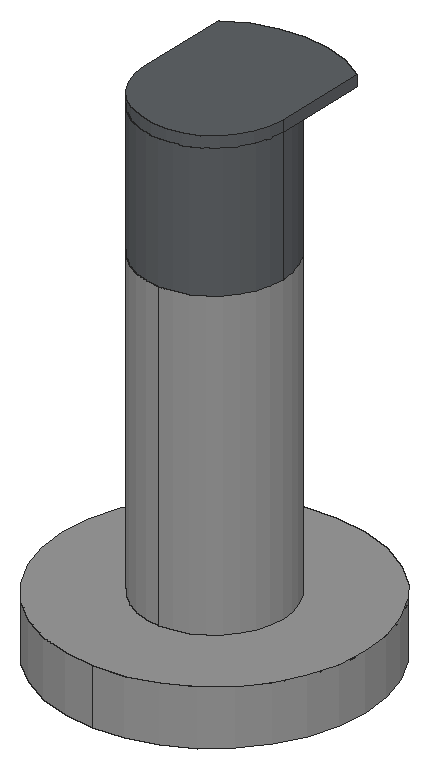
Revit family "KEUCO_14911010000", category Allgemeines Modell, Revit 2016
Family settings
  Teiletyp = Normal
  Kann Basisbauteil für Bewehrung sein = Nein
  Bemaßung runder Anschluss = Durchmesser verwenden
  Arbeitsebenenbasiert = Ja
  Immer vertikal = Nein
  Beim Laden mit Abzugskörper schneiden = Nein
  Gemeinsam genutzt = Nein
  Raumberechnungspunkt = Nein
Parameters (values of type "14911010000")
  Verwendung = "WP"  # constant formula
  URL = "https://www.keuco.com/de/produkte/sortiment/artikel/?pid=14911&oid=1&pgo=5&country=de&lang=de&vid=14911010000"
  Stange Breite = 89 mm
  Preisgruppe = ""
  Materialien bei Hersteller anfragen = "Anfrage zu:  objektmanagement@keuco.de"
  Kategorie = ""
  Gewicht = 0
  Description = ""  # constant formula
  Default Elevation = 1219.2 mm
  Serie = "Plan"  # constant formula
  Material = Aluminium silber-eloxiert (E6 EV1)
  Hersteller = "KEUCO"  # constant formula
  Material Haken = ABS Kunststoff - Schwarz
  Assembly Code = ""
  Ausschreibungstext = "KEUCO PLAN Handtuchhaken 14911010000 mit Türpuffer\r\nHochglanzverchromter Handtuchhaken in ästhetischem, funktionalem Design\r\nAbschlussstück aus schwarzem ABS Kunststoff als Türpuffer\r\nrunde Rosettenkappe, Durchmesser 55 mm\r\nleicht zu reinigen\r\nAusladung 91 mm\r\nDer Handtuchhaken wird verdeckt angebracht\r\nLieferung inkl. korrosionsfreiem Befestigungsmaterial"
  Artikelnummer = "14911010000"
Types (3, lengths in mm): name | URL | Materialien bei Hersteller anfragen | Material | Ausschreibungstext | Artikelnummer
  14911010000 | "https://www.keuco.com/de/produkte/sortiment/artikel/?pid=14911&oid=1&pgo=5&country=de&lang=de&vid=14911010000" | "Anfrage zu:  objektmanagement@keuco.de" | Aluminium silber-eloxiert (E6 EV1) | "KEUCO PLAN Handtuchhaken 14911010000 mit Türpuffer\r\nHochglanzverchromter Handtuchhaken in ästhetischem, funktionalem Design\r\nAbschlussstück aus schwarzem ABS Kunststoff als Türpuffer\r\nrunde Rosettenkappe, Durchmesser 55 mm\r\nleicht zu reinigen\r\nAusladung 91 mm\r\nDer Handtuchhaken wird verdeckt angebracht\r\nLieferung inkl. korrosionsfreiem Befestigungsmaterial" | "14911010000"
  14911070000 | "https://www.keuco.com/de/produkte/sortiment/artikel/?pid=14911&oid=1&pgo=5&country=de&lang=de&vid=14911070000" | "Request to:  objektmanagement@keuco.de" | Edelstahl | "KEUCO PLAN Handtuchhaken 14911070000 mit Türpuffer\r\nZeitloser Handtuchhaken aus hochwertigem Edelstahl\r\nin ästhetischem, funktionalem Design\r\nAbschlussstück aus schwarzem ABS Kunststoff als Türpuffer\r\nrunde Rosettenkappe, Durchmesser 55 mm\r\nleicht zu reinigen\r\nAusladung 91 mm\r\nDer Handtuchhaken wird verdeckt angebracht\r\nLieferung inkl. korrosionsfreiem Befestigungsmaterial" | "14911070000"
  14911170000 | "https://www.keuco.com/de/produkte/sortiment/artikel/?pid=14911&oid=1&pgo=5&country=de&lang=de&vid=14911170000" | "Request to:  objektmanagement@keuco.de" | Aluminium silber-eloxiert (E6 EV1) | "KEUCO PLAN Handtuchhaken 14911170000 mit Türpuffer\r\nHandtuchhaken aus silber-eloxiertem Aluminium (E6 EV1) \r\nin ästhetischem, funktionalem Design\r\nAbschlussstück aus schwarzem ABS Kunststoff als Türpuffer\r\nrunde Rosettenkappe, Durchmesser 55 mm\r\nleicht zu reinigen\r\nAusladung 91 mm\r\nDer Handtuchhaken wird verdeckt angebracht\r\nLieferung inkl. korrosionsfreiem Befestigungsmaterial" | "14911170000"
Reference planes
  plane 1 "Center (Front/Back)": y = 0
  plane 2: z = 0
  plane 3 "Center (Left/Right)": x = 0
  plane 4: y = -700
  plane 5: z = 89
  plane 6: z = 91
Forms (mm)
  Extrusion 1, solid, material "ABS Kunststoff - Schwarz" <- "Material Haken"
    sketch origin (0, 16.5, 20) x (0, 1, 0) y (-1, 0, 0)
      loop
        arc (-16.5, 12.5) -> (-29, 0) -> (-16.5, -12.5) r 12.5
        line (-16.5, -12.5) -> (0.175, -12.5)
        arc (0.175, -12.5) -> (4.091, 0) -> (0.175, 12.5) r 21.906
        line (0.175, 12.5) -> (-16.5, 12.5)
    from 69 to 71
  Extrusion 2, solid, material "Aluminium silber-eloxiert (E6 EV1)" <- "Material"
    sketch origin (0, 16.5, 20) x (0, 1, 0) y (-1, 0, 0)
      loop
        circle (-16.5, 0) r 12.5
    from -10 to 45
  Extrusion 3, solid, material "Aluminium silber-eloxiert (E6 EV1)" <- "Material"
    sketch origin (0, 16.5, 20) x (0, 1, 0) y (-1, 0, 0)
      loop
        circle (-16.5, 0) r 27.5
    from -20 to -10
  Extrusion 4, solid, material "ABS Kunststoff - Schwarz" <- "Material Haken"
    sketch origin (0, 16.5, 110) x (1, 0, 0) y (0, 1, 0)
      loop
        circle (0, -16.5) r 12.5
    from -45 to -21
Dimensions and locks
  "Stange Breite": plane 5 to plane 2
  plane 6 to plane 5 = 2 mm
  aligned and locked: level to plane 2
  aligned and locked: plane 6 to Extrusion 1
  aligned and locked: Extrusion 3 to plane 2
  aligned and locked: Extrusion 2 to Extrusion 3
  aligned and locked: Extrusion 4 to Extrusion 2
  aligned and locked: Extrusion 4 to Extrusion 1
Automatic sketch dimensions
  Extrusion 1 sketch curve to plane 3 "Center (Left/Right)" = 0 mm  (x2)
  plane 1 "Center (Front/Back)" to Extrusion 1 sketch curve = 0 mm
  Extrusion 1 sketch curve to Extrusion 1 sketch curve = 1.315 mm
  Extrusion 1 sketch curve to plane 1 "Center (Front/Back)" = 16.675 mm
  plane 3 "Center (Left/Right)" to Extrusion 1 sketch curve = 12.5 mm
  plane 1 "Center (Front/Back)" to Extrusion 2 sketch curve = 0 mm
  Extrusion 2 sketch curve to plane 3 "Center (Left/Right)" = 0 mm
  plane 1 "Center (Front/Back)" to Extrusion 3 sketch curve = 0 mm
  Extrusion 3 sketch curve to plane 3 "Center (Left/Right)" = 0 mm
  plane 1 "Center (Front/Back)" to Extrusion 4 sketch curve = 0 mm
  Extrusion 4 sketch curve to plane 3 "Center (Left/Right)" = 0 mm
  radius of Extrusion 2 sketch curve = 12.5 mm
  radius of Extrusion 3 sketch curve = 27.5 mm
  radius of Extrusion 4 sketch curve = 12.5 mm
